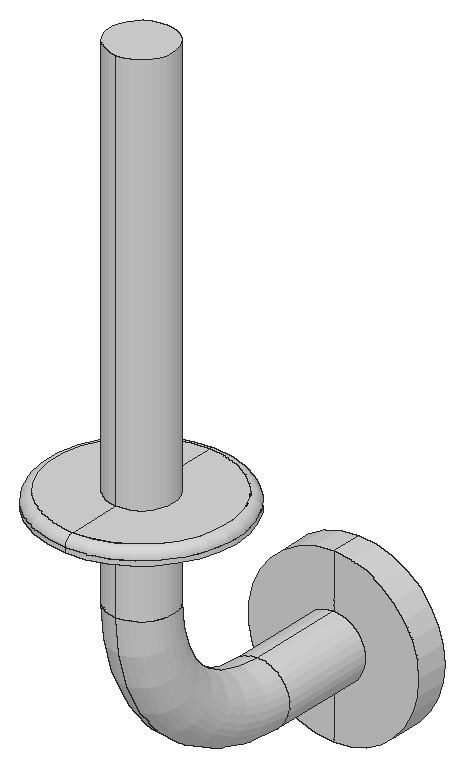
Revit family "Reece_Accessory_GROHE_Essentials_Spare Toilet Roll Holder", category Plumbing Fixtures, Revit 2018
Family settings
  Round Connector Dimension = Use Diameter
  Part Type = Normal
  Work Plane-Based = Yes
  Always vertical = Yes
  Cut with Voids When Loaded = Yes
  Shared = Yes
  Room Calculation Point = Yes
Parameters
  URL = "https://www.reece.com.au/product/-9506959"
  Type Comments = "Accessory"
  Reece_Product_Web Page = "https://www.reece.com.au/product/-9506959"
  Reece_Product_Type = "Accessory"  # constant formula
  Reece_Product_Sub Brand = "Essentials"  # constant formula
  Reece_Product_Number = "9506959"
  Reece_Product_Mount = "Wall Mounted"
  Reece_Product_Description = "GROHE Essentials Accessories Spare Toilet Roll Holder Chrome"
  Reece_Product_Brand = "GROHE"  # constant formula
  Reece_Overall_Width = 60 mm  # constant formula
  Reece_Overall_Height = 232 mm  # constant formula
  Reece_Material_Main = Reece_Brass_Chrome
  Reece_Height_From_Level [instance] = 1000 mm
  Reece_Detail_Shape = ""
  Reece_Detail_Installation = ""
  Reece_Detail_Disclaimer = "THIS FILE IS THE PROPERTY OF THE REECE GROUP. IT MAY NOT BE REPRODUCED, REVERSE-ENGINEERED OR MODIFIED. ANY REPUBLICATION, TRANSMISSION OR DISTRIBUTION FOR THE PURPOSE OF COMMERCIALLY EXPLOITING THE FILES IS PROHIBITED."  # constant formula
  Reece_Detail_Connector = ""
  Reece_Detail_Additional = ""
  Reece_Accessory_Projection = 116 mm  # constant formula
  Model = "Essentials"
  Manufacturer = "GROHE"
  Keynote = "Product #9506959, Reece_Accessory_GROHE_Essentials_Spare Toilet Roll Holder -  "
  Disclaimer = "THIS FILE IS THE PROPERTY OF THE REECE GROUP. IT MAY NOT BE REPRODUCED, REVERSE-ENGINEERED OR MODIFIED. ANY REPUBLICATION, TRANSMISSION OR DISTRIBUTION FOR THE PURPOSE OF COMMERCIALLY EXPLOITING THE FILES IS PROHIBITED."  # constant formula
  Description = "GROHE Essentials Accessories Spare Toilet Roll Holder Chrome"
  Default Elevation = 0 mm
Types (2, lengths in mm): name | Keynote
  (no name) | "Product #9506959, Reece_Accessory_GROHE_Essentials_Spare Toilet Roll Holder -  "
  Chrome | "Product #9506959, Reece_Accessory_GROHE_Essentials_Spare Toilet Roll Holder - Chrome"
Reference planes
  plane 1 "Center (Front/Back)": y = 0
  plane 2 "Bottom Host Plane": z = -5
  plane 3 "Center (Left/Right)": x = 0
  plane 4 "Fixing Point": z = 1000
  plane 5: y = -116
  plane 6: x = -30
  plane 7: x = 30
  plane 8: z = 1205
  plane 9: z = 973
Forms (mm)
  Revolve 1, solid, material "Reece_Brass_Chrome" <- "Reece_Material_Main"
    sketch origin (0, 0, 0) x (0, 1, 0) y (0, 0, 1)
      loop
        line (0, 1000) -> (0, 1027) -> (-10, 1027) -> (-10, 1000) -> (0, 1000)
      axis (-10, 1000) -> (0, 1000)
    angle from 0 to 360
  Sweep 2, solid, material "Reece_Brass_Chrome" <- "Reece_Material_Main"
    path origin (0, 0, 0) x (0, 1, 0) y (0, 0, 1)
      loop
        line (-10, 1000) -> (-40, 1000)
        arc (-40, 1000) -> (-72.527, 1013.473) -> (-86, 1046) r 46
        line (-86, 1046) -> (-86, 1205)
    profile origin (0, -25, 1000) x (0, 0, -1) y (1, 0, 0)
      loop
        circle (0, 0) r 10
  Revolve 3, solid, material "Reece_Brass_Chrome" <- "Reece_Material_Main"
    sketch origin (0, 0, 0) x (0, 1, 0) y (0, 0, 1)
      loop
        line (-86, 1073) -> (-86, 1077.5) -> (-113, 1077.5)
        arc (-113, 1077.5) -> (-115.121, 1076.621) -> (-116, 1074.5) r 3
        line (-116, 1074.5) -> (-116, 1073) -> (-86, 1073)
      axis (-86, 1077.5) -> (-86, 1073)
    angle from 0 to 360
Cuts and joins
  joined: Revolve 1, Sweep 2, Revolve 3
Lines and regions (mm)
  model lines, style "InvisibleLines"
    curve 1: line (0, 0, -5) -> (0, 0, 1000)
Text (mm)
  text "Reece ©" at (2574.208, -2360.027, 3082.578), in view "Reece Preview"
  text "Reece ©" at (119.909, -187.902, -1020.679), in view "Ref. Level"
Dimensions and locks
  locked: plane 2 "Bottom Host Plane" to level at 5
  "Reece_Height_From_Level": plane 4 "Fixing Point" to level
  "Reece_Accessory_Projection": plane 1 "Center (Front/Back)" to plane 5
  "Reece_Overall_Width": plane 6 to plane 7
  "Reece_Overall_Height": plane 9 to plane 8
  locked: plane 9 to plane 4 "Fixing Point" at 27
  aligned and locked: plane 4 "Fixing Point" to curve 1
  aligned and locked: plane 2 "Bottom Host Plane" to curve 1
Automatic sketch dimensions
  curve 1 to plane 3 "Center (Left/Right)" = 0 mm
  plane 4 "Fixing Point" to Revolve 1 sketch curve = 0 mm  (x2)
  Revolve 1 sketch curve to plane 1 "Center (Front/Back)" = 0 mm
  plane 1 "Center (Front/Back)" to Revolve 1 sketch curve = 10 mm
  Revolve 1 sketch curve to Revolve 1 sketch curve = 27 mm
  Revolve 1 sketch curve to Revolve 1 sketch curve = 50 mm
  Revolve 1 sketch curve to plane 1 "Center (Front/Back)" = 35 mm
  Sweep 2 sketch curve to plane 3 "Center (Left/Right)" = 0 mm
  Sweep 2 sketch curve to profile plane = 0 mm
  Revolve 3 sketch curve to Revolve 3 sketch curve = 18.09 mm
  plane 1 "Center (Front/Back)" to Revolve 3 sketch curve = 116 mm
  Revolve 3 sketch curve to Revolve 3 sketch curve = 27 mm
  Revolve 3 sketch curve to Revolve 3 sketch curve = 0 mm
  Revolve 3 sketch curve to Revolve 3 sketch curve = 3 mm
  Revolve 3 sketch curve to Revolve 3 sketch curve = 1.5 mm
  Revolve 3 sketch curve to Revolve 3 sketch curve = 7.41 mm
  Revolve 3 sketch curve to plane 4 "Fixing Point" = 73 mm
  plane 4 "Fixing Point" to Sweep 2 sketch curve = 0 mm
  Sweep 2 sketch curve to plane 5 = 30 mm
  plane 1 "Center (Front/Back)" to Sweep 2 sketch curve = 40 mm
  plane 1 "Center (Front/Back)" to Sweep 2 sketch curve = 10 mm
  Sweep 2 sketch curve to Sweep 2 sketch curve = 159 mm
  radius of Sweep 2 sketch curve = 10 mm
